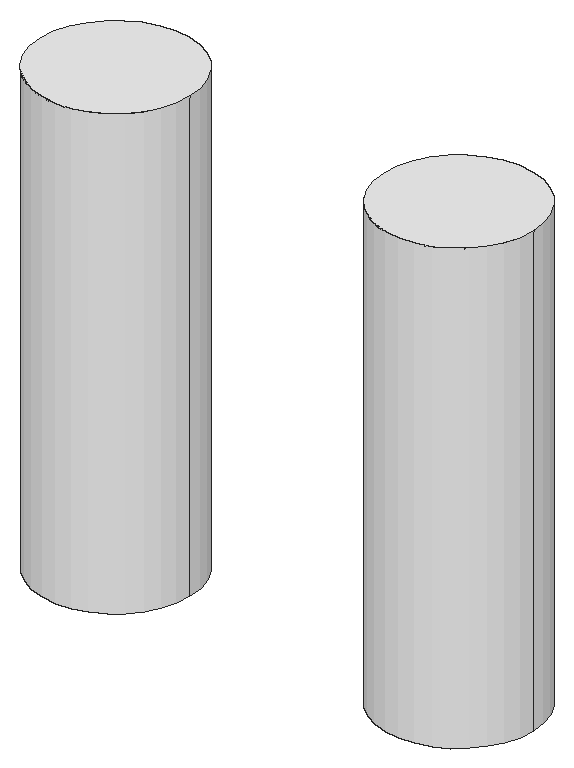
Revit family "55562203(2022)", category Plumbing Fixtures, Revit 2020
Family settings
  Round Connector Dimension = Use Diameter
  Part Type = Normal
  OmniClass Number = 23.45.55.00
  OmniClass Title = Sanitary Faucets, Wastes
  Work Plane-Based = No
  Always vertical = Yes
  Cut with Voids When Loaded = No
  Shared = No
  Room Calculation Point = No
Parameters (values of type "55562203 Kitchen faucet ")
  Working Pressure = "50 - 1000 kPa"
  WarrantyStartDate [instance] = "n/a"
  WarrantyGuarantorParts = "n/a"
  WarrantyGuarantorLabor = "n/a"
  WarrantyDurationUnit = "Year"
  WarrantyDurationParts = "n/a"
  WarrantyDurationLabor = "n/a"
  WarrantyDescription = "http://warranty.hansa.com"
  Warranty Information URL = "http://warranty.hansa.com"
  VersionDate = "01/06/2023"
  Version = "1"
  ValvePattern = "n/a"
  ValveOperation = "n/a"
  ValveMechanism = "n/a"
  Uniclass2015Reference = "Pr_40_20_87_96"
  Uniclass2015Description = "Washbasin manual water supply sets"
  Uniclass2 = "Pr_40_30_96_96"
  URL UWL = "http://static.hansa.com/UWL/55562203"
  URL REACH = "http://static.hansa.com/doc/reach"
  URL EcoLabel Declaration = "http://static.hansa.com/doc/EcoLabel"
  URL EU Packaging Declaration = "http://static.hansa.com/doc/packaging"
  URL Declaration of SCIP = "http://static.hansa.com/doc/SCIP"
  URL Declaration of Conformity = "http://static.hansa.com/DoC/55562203"
  URL Declaration of Asbestos = "http://static.hansa.com/doc/asbestos"
  URL Declaration Of Performance (DOP) = "http://static.hansa.com/doc/DoP"
  URL DVGW = "http://static.hansa.com/DVGW/55562203"
  URL ABP = "http://static.hansa.com/ABP/55562203"
  URL = ""
  UNSPSC Class Number = "30181700 Faucets or taps"
  Type Comments = ""
  TestPressure = "n/a"
  Technical DataSheet URL = "http://www.hansa.com/datasheet/55562203/en"
  TagNumber [instance] = "n/a"
  SustainabilityPerformance = "n/a"
  Surface treatment = "Chrome"
  Spout Type = "Swivel spout"
  Spout Swivel Range = "120°"
  Spout Projection = "200 mm"
  Spare-Part Information URL = "http://static.hansa.com/sp/55562203"
  Size = "105x240x310 mm"
  Shape = "Sculptured"
  SerialNumber [instance] = "n/a"
  Sales Package dimensions (LxWxH) = "450 x 270 x 85"
  Revision = "n/a"
  ReplacementCost = "n/a"
  ProductInformation = "n/a"
  Product URL = "http://static.hansa.com/55562203"
  Product Image URL = "http://static.hansa.com/image/55562203"
  Product Family = "5160 "
  Product Code = "55562203"
  OperatingMechanismMaterial = "n/a"
  NominalWidth = 104.389 mm
  NominalHeight = 310.037 mm
  NominalDepth = 236.869 mm
  Noise Class = "I (ISO 3822)"
  Name_en = "55562203 Kitchen faucet"
  Name = "55562203 Kitchen faucet"
  NBSReference = "45-35-70/371"
  NBSDescription = "Water supply fittings for wash basins and troughs"
  Mounting Holes = "1 hole"
  ModelReference = "55562203"
  ModelNumber = "n/a"
  Model = "55562203 Kitchen faucet"
  Mobile Product Information URL = "http://mpi.hansa.com/55562203"
  Mechanical Parts = "ø 35 mm ceramic cartridge for flow and temperature control"
  Max. Hot Water Supply = 70 °C
  Material = "Brass"
  Market = "Austria;Czech Republic;Germany;International;Italy;Slovakia"
  ManufacturerURL = "http://www.hansa.com"
  ManufacturerName = "HANSA"
  Manufacturer = "HANSA"
  Lever Handle = "Hot/Cold symbols;Single operating lever/handle"
  Keynote = ""
  Interactive AR View URL = "https://static.hansa.com/AR/55562203"
  InstallationDate [instance] = "n/a"
  Installation and Maintenance Guide URL = "http://static.hansa.com/manual/55562203"
  Installation Type = "Deck mounted"
  InletConnectionSize = 10 mm
  IfcExportType = "FAUCET"  # constant formula
  IfcExportAs = "IfcValveType"  # constant formula
  Group = "Kitchen faucet"
  Grade = "n/a"
  FlowCoefficient = 0
  Flow Rate At 300kPa = 0.18 L/s
  Flow Drawing URL = "http://static.hansa.com/flowchart/55562203"
  Finish = "Polished"
  Features = "Single-lever, side operated"
  FaucetMainMaterial = Brass
  FDV Document URL = "http://www.hansa.com/datasheet/55562203/en/fdv"
  ExpectedLife = "n/a"
  ETIM Class Number = "EC011431 Kitchen mixing tap"
  EN Standard = "EN 817"
  EAN Number = "4057304019081"
  DurationUnit = "Year"
  Dimension Drawing URL = "http://static.hansa.com/dimdrw/55562203"
  Description = ""
  DefaultElevation [instance] = 900 mm
  Default Elevation = 0 mm
  Constituents = "n/a"
  Connection Size = "G3/8"
  Connection = "Flexible inlet pipes"
  Color = "Chrome"
  CodePerformance = "n/a"
  CloseOffRating = 0
  Category = "Kitchen"
  Catalog Drawing URL = "http://static.hansa.com/catdrw/55562203"
  Brand = "HANSA"
  BodyMaterial = "Brass"
  Barcode [instance] = "n/a"
  Backflow Prevention EN1717 = "AA"
  BIMObjectName = "55562203(2022)"
  Author = "BIMStone"
  AssetType = "Fixed"
  AssetIdentifier [instance] = "n/a"
  Approval DVGW = "DW-6506DO0165"
  Approval ABP = "P-IX 10076/IA"
  Aerator = "Standard aerator"
  Advanced Features = "Rapid installation system"
  AccessibilityPerformance = "n/a"
  3D View = "https://static.hansa.com/AR/55562203"
  2D/3D/BIM Files URL = "http://static.hansa.com/bim/55562203"
Reference planes
  plane 1 "Center (Front/Back)": y = 0
  plane 2: z = 0
  plane 3 "Center (Left/Right)": x = 0
  plane 4: x = -25
  plane 5: z = 900
  plane 6: z = 870
  plane 7: y = -236.869
  plane 8: x = 25
  plane 9: z = 1210.037
  plane 10: x = 79.389
Forms (mm)
  Extrusion 1, solid, material "Brass" <- "FaucetMainMaterial"
    sketch origin (0, -2.393, 0) x (1, 0, 0) y (0, 1, 0)
      loop
        circle (-11.5, -22.5) r 5
      loop
        circle (11.5, -22.5) r 5
    from 870 to 900
Dimensions and locks
  "DefaultElevation": plane 5 to level
  locked: plane 5 to plane 6 at 30
  "NominalDepth": plane 7 to plane 1 "Center (Front/Back)"
  equal spacing: plane 4, plane 3 "Center (Left/Right)", plane 8
  "NominalHeight": plane 9 to plane 5
  locked: plane 8 to plane 10 at 54.389
  "NominalWidth": plane 4 to plane 10
  "InletConnectionSize": diameter of Extrusion 1 sketch curve  (x2)
  aligned and locked: level to plane 2
  aligned and locked: plane 5 to Extrusion 1
  aligned and locked: Extrusion 1 to plane 6
  aligned and locked: plane 1 "Center (Front/Back)" to nested 2
  aligned and locked: plane 3 "Center (Left/Right)" to nested 2
  aligned and locked: plane 3 "Center (Left/Right)" to nested 1
  aligned and locked: plane 1 "Center (Front/Back)" to nested 1
  aligned and locked: plane 5 to nested 2
Automatic sketch dimensions
  Extrusion 1 sketch curve to plane 3 "Center (Left/Right)" = 11.5 mm
  plane 3 "Center (Left/Right)" to Extrusion 1 sketch curve = 11.5 mm
  plane 1 "Center (Front/Back)" to Extrusion 1 sketch curve = 24.893 mm  (x2)
Nested families
  nested 1: "Symbol" at (0, 0, 0), type "Symbol", detail levels coarse
  nested 2: "55562203_Body" at (0, 0, 900), Material <- "FaucetMainMaterial", type "55562203_Body"
    with Material Brass
Connectors
  piping at (-11.5, -24.893, 870), diameter 10, driven by "InletConnectionSize"
    settings: on Extrusion 1, index 1, connector inside diameter 609.6 mm, connector length 0 mm, flow factor 0, pipe flow 0.2 L/s, pressure drop 0.0 Pa, fitting loss kfactor 0, connector angle 0.00°, fixture units 0, engagement length 0 mm, angle of deflection 0.00°, flow configuration 1, flow direction 1, fitting loss method 0, system type 19, joint type 0, gender type 0, connector reference index -1, connector utility 0, adjustable connector no, is connector primary yes, connector description ""
  piping at (11.5, -24.893, 870), diameter 10, driven by "InletConnectionSize"
    settings: on Extrusion 1, index 2, connector inside diameter 609.6 mm, connector length 0 mm, flow factor 0, pipe flow 0.2 L/s, pressure drop 0.0 Pa, fitting loss kfactor 0, connector angle 0.00°, fixture units 0, engagement length 0 mm, angle of deflection 0.00°, flow configuration 1, flow direction 1, fitting loss method 0, system type 20, joint type 0, gender type 0, connector reference index -1, connector utility 0, adjustable connector no, is connector primary no, connector description ""
Definition of nested family "Symbol"
  Reference planes
    plane 1: y = 0
    plane 2: x = 0
  Lines and regions (mm)
    detail lines
      curve 1: line (0, 0, 0) -> (0, -1.8, 0)
      curve 2: line (-0.4, -1.1, 0) -> (0.4, -1.1, 0)
      curve 3: line (-0.4, -1.4, 0) -> (0.4, -1.4, 0)
      curve 4: line (0.863, 0, 0) -> (-0.863, 0, 0)
      curve 5: circle (-1.163, 0, 0) r 0.3 normal (0, 0, -1)
      curve 6: circle (1.163, 0, 0) r 0.3 normal (0, 0, 1)
